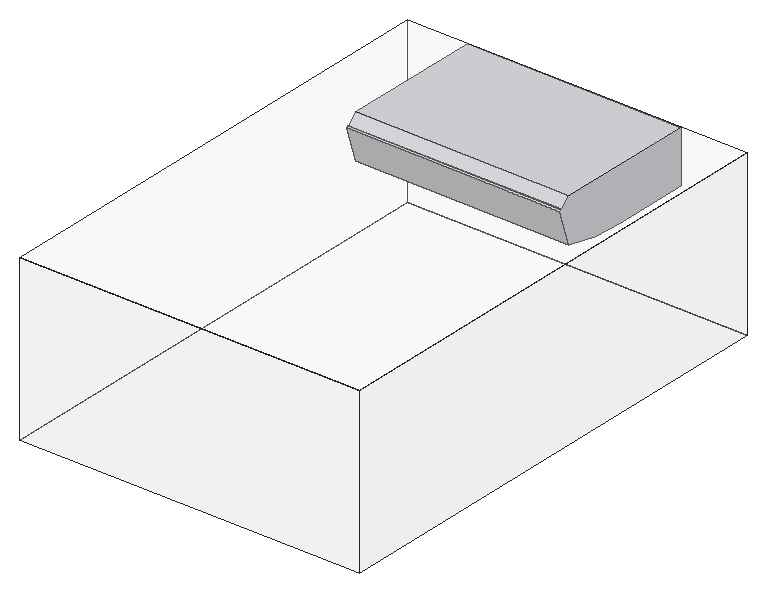
Revit family "pcfy-p45_160kmg8_50Hz", category 機械設備, Revit 2019
Family settings
  丸型コネクタ寸法 = 直径を使用
  パーツ タイプ = 標準
  OmniClass 番号 = 23.75.10.24.21.27.27
  OmniClass タイトル = Split System Air Conditioning Units
  作業面ベース = いいえ
  常に垂直 = はい
  ロード時にボイドで切り取り = いいえ
  共有 = いいえ
  部屋計算ポイント = はい
Parameters (values of type "天吊_PCFY-P56KMG8")
  風量（弱）（m3／min） = 10
  風量（中2）（m3／min） = 11
  風量（中1）（m3／min） = 12
  風量（m3／min） = 13
  風量 = MAX風量  # 780.0 m³/h
  音響パワーレベル（弱）(dB) = 49
  音響パワーレベル（中2）(dB) = 51
  音響パワーレベル（中1）(dB) = 53
  音響パワーレベル(dB) = 55
  電源種別 = ""
  電源_H = 0 mm
  電圧_電気ヒーター = 0 V
  電圧 = 200 V
  電動機出力_送風機 = 0.09 kW
  運転質量 = 0.00 kg
  連動 = ""
  質量 = if(製品質量 > 運転質量, 製品質量, 運転質量) * 1.2  # 28.80 kg
  負荷分類 = 3_ファン類
  説明 = "ビル用マルチ 天吊形室内機"
  設計暖房能力 = 0.00 kW
  設計冷房能力_顕熱 = 0 kW
  設計冷房能力 = 0 kW
  設置方法 = "天井吊形"
  記号 = ""
  製造元 = "三菱電機株式会社"
  製品質量 = 24.00 kg
  製品出荷対象 = "国内"
  製品リリース年月 = "2021年6月30日"
  製品グループ = ""
  系統 = ""
  符号 = "ACP-CR"
  積算_科目 = "1 空気調和設備"
  積算_拾い区分 [instance] = ""
  相 = 1
  盤記号 = ""
  発停方法 = "付属スイッチ"
  特殊仕様 = ""
  点検口離隔 [instance] = if(点検口離隔入力値 > 200 mm, 200 mm, if(点検口離隔入力値 < 150 mm, 150 mm, 点検口離隔入力値))  # 150 mm
  点検口離隔入力値 [instance] = 0 mm
  点検口設置範囲 = 0 mm
  点検口 = yes
  火災停止 = ""
  消費電力_電気ヒーター = 0.00 kW
  消費電力_暖房 = 0.05 kW
  消費電力_加湿器 = 0.00 kW
  消費電力_冷房 = 0.06 kW
  消費電力 = if(消費電力_冷房 > 消費電力_暖房, 消費電力_冷房, 消費電力_暖房) + 消費電力_加湿器 + 消費電力_電気ヒーター  # 0.06 kW
  法定耐用年数 = "6"
  極数 = 1
  材質 = ""
  本体マテリアル = none
  有効加湿量 = 0
  暖房能力 = 6.30 kW
  推奨ブレーカー容量 = 15 A
  形式_加湿器 = ""
  形式 = "天井吊（露出）形"
  幹線記号 = ""
  始動方式 = "直入"
  呼称 = "室内機_天井吊(露出)形"
  周波数 = 50 Hz
  吊り位置Y = 320 mm
  吊り位置X = 917 mm
  吊りボルト_H = 50 mm
  台数_手元リモコン = ""
  台数_冷媒分岐ユニット = ""
  参照している仕様書等のバージョン = "公共建築物標準仕様書（機械設備工事編）平成31年度版"
  加湿給水管径 = 0 mm
  分類コード = "50053003221080"
  分類グループ = ""
  冷房能力 = 5.6 kW
  冷媒高低圧ガス管径 = 0 mm
  冷媒管径符号 = "Ac"
  冷媒管径 = 100 mm
  冷媒液管高さ = 126 mm
  冷媒液管長さ = 184 mm
  冷媒液管径 = 6.35 mm
  冷媒ガス管高さ = 126 mm
  冷媒ガス管長さ = 203 mm
  冷媒ガス管径 = 12.7 mm
  企業コード = "108420"
  付属品_フィルター = ""
  付属品 = ""
  仕様書バージョン = "Version1.0"
  モデル = "PCFY-P56KMG"
  パネルマテリアル = none
  ドレン管高さ = 190 mm
  ドレン管径 (外径) = 26 mm
  ドレン管径 = 20 mm
  サービススペース = yes
  コメント [instance] = ""
  ケーブル種類1 = ""
  ケーブルサイズ1 = 1.6 mm
  Width = 960 mm
  Version = ""
  Uniclass2015Version = "Systems v1.9"
  Uniclass2015Title = "Split coil remote air cooled condensing units"
  Uniclass2015Code = "Pr_70_65_03_84"
  URL = "https://www.mitsubishielectric.co.jp/ldg/wink/ssl/displayProduct.do?pid=311987"
  SpecificationReference = ""
  SpecificationDescription = ""
  Revision = ""
  ProductInformation = ""
  OmniClassCode = "23-33 17 13 11"
  MIN風量 = 風量（弱）（m3／min） * 60.0 m³/h  # 600.0 m³/h
  MID風量2 = 風量（中2）（m3／min） * 60.0 m³/h  # 660.0 m³/h
  MID風量 = 風量（中1）（m3／min） * 60.0 m³/h  # 720.0 m³/h
  MAX風量 = 風量（m3／min） * 60.0 m³/h  # 780.0 m³/h
  IfcTypeProduct = ""
  IfcProduct = ""
  IfcExportType = "AIRCONDITIONINGUNIT"
  IfcExportAs = "IfcUnitaryEquipmentType"
  Height_本体 = 230 mm
  Height = Height_本体 + 6 mm  # 236 mm
  Depth = 680 mm
  Clearance Top = 1 mm
  Clearance Right = 300 mm  # constant formula
  Clearance Left = 270 mm  # constant formula
  Clearance Front = 1500 mm
  Clearance Bottom = 500 mm  # constant formula
  Clearance Back = 0 mm  # constant formula
  Author = "三菱電機株式会社"
Types (9, lengths in mm): name | 風量（弱）（m3／min） | 風量（中2）（m3／min） | 風量（中1）（m3／min） | 風量（m3／min） | 風量 | 音響パワーレベル（弱）(dB) | 音響パワーレベル（中2）(dB) | 音響パワーレベル（中1）(dB) | 音響パワーレベル(dB) | 電動機出力_送風機 | 質量 | 製品質量 | 消費電力_暖房 | 消費電力_冷房 | 消費電力 | 暖房能力 | 吊り位置X | 冷房能力 | 冷媒管径符号 | 冷媒液管径 | 冷媒ガス管長さ | 冷媒ガス管径 | モデル | Width | URL | MIN風量 | MID風量2 | MID風量 | MAX風量
  (no name) | 10 | 11 | 12 | 13 | 780.0 m³/h | 49 | 51 | 53 | 55 | 0.09 kW | 28.80 kg | 24.00 kg | 0.05 kW | 0.06 kW | 0.06 kW | 6.30 kW | 917 | 5.6 kW | "Ac" | 6.35 | 203 | 12.7 | "PCFY-P56KMG" | 960 | "https://www.mitsubishielectric.co.jp/ldg/wink/ssl/displayProduct.do?pid=311987" | 600.0 m³/h | 660.0 m³/h | 720.0 m³/h | 780.0 m³/h
  天吊_PCFY-P45KMG8 | 9 | 10 | 11 | 12 | 720.0 m³/h | 48 | 49 | 51 | 53 | 0.09 kW | 28.80 kg | 24.00 kg | 0.04 kW | 0.05 kW | 0.05 kW | 5.00 kW | 917 | 4.5 kW | "Ac" | 6.35 | 203 | 12.7 | "PCFY-P45KMG" | 960 | "https://www.mitsubishielectric.co.jp/ldg/wink/ssl/displayProduct.do?pid=311986" | 540.0 m³/h | 600.0 m³/h | 660.0 m³/h | 720.0 m³/h
  天吊_PCFY-P56KMG8 | 10 | 11 | 12 | 13 | 780.0 m³/h | 49 | 51 | 53 | 55 | 0.09 kW | 28.80 kg | 24.00 kg | 0.05 kW | 0.06 kW | 0.06 kW | 6.30 kW | 917 | 5.6 kW | "Ac" | 6.35 | 203 | 12.7 | "PCFY-P56KMG" | 960 | "https://www.mitsubishielectric.co.jp/ldg/wink/ssl/displayProduct.do?pid=311987" | 600.0 m³/h | 660.0 m³/h | 720.0 m³/h | 780.0 m³/h
  天吊_PCFY-P71KMG8 | 14 | 15 | 16 | 18 | 1080.0 m³/h | 52 | 53 | 54 | 55 | 0.095 kW | 38.40 kg | 32.00 kg | 0.07 kW | 0.08 kW | 0.08 kW | 8.00 kW | 1237 | 7.1 kW | "Bd" | 9.5 | 200 | 15.9 | "PCFY-P71KMG" | 1280 | "https://www.mitsubishielectric.co.jp/ldg/wink/ssl/displayProduct.do?pid=311988" | 840.0 m³/h | 900.0 m³/h | 960.0 m³/h | 1080.0 m³/h
  天吊_PCFY-P80KMG8 | 14 | 15 | 16 | 18 | 1080.0 m³/h | 52 | 53 | 54 | 55 | 0.095 kW | 38.40 kg | 32.00 kg | 0.07 kW | 0.08 kW | 0.08 kW | 9.00 kW | 1237 | 8 kW | "Bd" | 9.5 | 200 | 15.9 | "PCFY-P80KMG" | 1280 | "https://www.mitsubishielectric.co.jp/ldg/wink/ssl/displayProduct.do?pid=311989" | 840.0 m³/h | 900.0 m³/h | 960.0 m³/h | 1080.0 m³/h
  天吊_PCFY-P90KMG8 | 15 | 16 | 18 | 20 | 1200.0 m³/h | 54 | 55 | 56 | 58 | 0.095 kW | 38.40 kg | 32.00 kg | 0.08 kW | 0.09 kW | 0.09 kW | 10.00 kW | 1237 | 9 kW | "Bd" | 9.5 | 200 | 15.9 | "PCFY-P90KMG" | 1280 | "https://www.mitsubishielectric.co.jp/ldg/wink/ssl/displayProduct.do?pid=311990" | 900.0 m³/h | 960.0 m³/h | 1080.0 m³/h | 1200.0 m³/h
  天吊_PCFY-P112KMG8 | 20 | 22 | 25 | 28 | 1680.0 m³/h | 55 | 57 | 59 | 61 | 0.16 kW | 43.20 kg | 36.00 kg | 0.13 kW | 0.14 kW | 0.14 kW | 12.50 kW | 1557 | 11.2 kW | "Bd" | 9.5 | 200 | 15.9 | "PCFY-P112KMG" | 1600 | "https://www.mitsubishielectric.co.jp/ldg/wink/ssl/displayProduct.do?pid=311991" | 1200.0 m³/h | 1320.0 m³/h | 1500.0 m³/h | 1680.0 m³/h
  天吊_PCFY-P140KMG8 | 21 | 24 | 27 | 31 | 1860.0 m³/h | 57 | 59 | 61 | 63 | 0.16 kW | 45.60 kg | 38.00 kg | 0.15 kW | 0.16 kW | 0.16 kW | 16.00 kW | 1557 | 14 kW | "Bd" | 9.5 | 200 | 15.9 | "PCFY-P140KMG" | 1600 | "https://www.mitsubishielectric.co.jp/ldg/wink/ssl/displayProduct.do?pid=312017" | 1260.0 m³/h | 1440.0 m³/h | 1620.0 m³/h | 1860.0 m³/h
  天吊_PCFY-P160KMG8 | 21 | 24 | 27 | 31 | 1860.0 m³/h | 58 | 60 | 62 | 64 | 0.16 kW | 46.80 kg | 39.00 kg | 0.18 kW | 0.19 kW | 0.19 kW | 18.00 kW | 1557 | 16 kW | "Bd" | 9.5 | 200 | 15.9 | "PCFY-P160KMG" | 1600 | "https://www.mitsubishielectric.co.jp/ldg/wink/ssl/displayProduct.do?pid=311992" | 1260.0 m³/h | 1440.0 m³/h | 1620.0 m³/h | 1860.0 m³/h
Reference planes
  plane 1 "中心(正面/背面)": y = 0
  plane 2: z = 0
  plane 3 "中心(左/右)": x = 0
  plane 4: z = 236
  plane 5: x = -458.5
  plane 6: x = 458.5
  plane 7: y = 260
  plane 8: y = -60
  plane 9: y = 340
  plane 10: y = -340
  plane 11: x = -480
  plane 12: x = 480
  plane 13: x = -750
  plane 14: x = 780
  plane 15: y = 340
  plane 16: y = -1840
  plane 17: z = 237
  plane 18: z = -1020
  plane 19: z = -500
  plane 20: x = -662
Dimensions and locks
  "吊り位置X": plane 5 to plane 6
  equal spacing: plane 5, plane 3 "中心(左/右)", plane 6
  "吊り位置Y": plane 8 to plane 7
  equal spacing: plane 10, plane 1 "中心(正面/背面)", plane 9
  "Depth": plane 10 to plane 9
  equal spacing: plane 11, plane 3 "中心(左/右)", plane 12
  "Width": plane 11 to plane 12
  "Clearance Back": plane 9 to plane 15
  "Clearance Front": plane 16 to plane 10
  "Clearance Right": plane 12 to plane 14
  "Clearance Left": plane 13 to plane 11
  "Height": plane 4 to level
  locked: plane 7 to plane 9 at 80
  "Clearance Bottom": level to plane 19
  "Clearance Top": plane 17 to plane 4
  aligned and locked: level to plane 2
  aligned and locked: plane 5 to nested 2
  aligned and locked: plane 6 to nested 2
  aligned and locked: nested 2 to plane 7
  aligned and locked: plane 8 to nested 2
  aligned and locked: nested 1 to plane 13
  aligned and locked: nested 1 to plane 14
  aligned and locked: plane 16 to nested 1
  aligned and locked: plane 15 to nested 1
  aligned and locked: plane 17 to nested 1
  aligned and locked: plane 1 "中心(正面/背面)" to nested 3
  aligned and locked: plane 3 "中心(左/右)" to nested 3
  aligned and locked: plane 19 to nested 1
Nested families
  nested 1: "サービススペース" at (15, -750, -131.5), visible <- "サービススペース", type "サービススペース"
    with Width 1530 mm, Height 737 mm, Depth 2180 mm
  nested 2: "固定点" at (-458.5, -60, 0), type "固定点"
    with W 917 mm, D 320 mm
  nested 3: "PCFY-P-KMG" at (0, 0, 0), type "PCFY-P-KMG", detail levels fine
Connectors
  electrical at (196, 339, 206), driven by "極数", driven by "負荷分類", driven by "電圧", driven by "消費電力"
    settings: on nested 3, index 1, voltage 200 V, apparent load 60 VA, apparent load phase1 0 VA, apparent load phase2 0 VA, apparent load phase3 0 VA, power factor 1, load classification "3_ファン類", number of poles 1, system type 30, power factor state 1, is connector primary yes, connector utility no, sub classification motor no, connector description ""
  piping at (351.5, 140, 110), diameter 6.35, driven by "冷媒液管径"
    settings: on nested 3, index 2, connector inside diameter 609.6 mm, connector length 0 mm, flow factor 0, pipe flow 0.0 L/s, pressure drop 0.0 Pa, fitting loss kfactor 0, connector angle 0.00°, fixture units 0, engagement length 0 mm, angle of deflection 0.00°, flow configuration 1, flow direction 1, fitting loss method 4, system type 7, joint type 0, gender type 0, connector reference index -1, connector utility 0, adjustable connector no, is connector primary yes, connector description ""
  piping at (342, 94, 46), diameter 20, driven by "ドレン管径"
    settings: on nested 3, index 3, connector inside diameter 609.6 mm, connector length 0 mm, flow factor 0, pipe flow 0.0 L/s, pressure drop 0.0 Pa, fitting loss kfactor 0, connector angle 0.00°, fixture units 0, engagement length 0 mm, angle of deflection 0.00°, flow configuration 1, flow direction 2, fitting loss method 0, system type 16, joint type 0, gender type 0, connector reference index -1, connector utility 0, adjustable connector no, is connector primary no, connector description ""
  piping at (-405, 94, 46), diameter 20, driven by "ドレン管径"
    settings: on nested 3, index 4, connector inside diameter 609.6 mm, connector length 0 mm, flow factor 0, pipe flow 0.0 L/s, pressure drop 0.0 Pa, fitting loss kfactor 0, connector angle 0.00°, fixture units 0, engagement length 0 mm, angle of deflection 0.00°, flow configuration 1, flow direction 2, fitting loss method 4, system type 16, joint type 0, gender type 0, connector reference index -1, connector utility 0, adjustable connector no, is connector primary no, connector description ""
Definition of nested family "サービススペース"
  Parameters (values of type "サービススペース")
    Width [instance] = 500 mm
    Height [instance] = 500 mm
    Depth [instance] = 500 mm
  Reference planes
    plane 1 "中心(正面/背面)": y = 0
    plane 2: z = 0
    plane 3 "中心(左/右)": x = 0
    plane 4: y = -250
    plane 5: x = 250
    plane 6: y = 250
    plane 7: x = -250
    plane 8: z = 250
    plane 9: z = -250
  Forms (mm)
    Extrusion 1, solid
      sketch origin (-638.939, 0, 72.39) x (1, 0, 0) y (0, 1, 0)
        loop
          line (388.939, 250) -> (388.939, -250) -> (888.939, -250) -> (888.939, 250) -> (388.939, 250)
      from -322.39 to 177.61
  Lines and regions (mm)
    symbolic lines
      curve 1: line (-250, 0, 250) -> (250, 0, 250)
      curve 2: line (-250, 0, -250) -> (-250, 0, 250)
      curve 3: line (250, 0, -250) -> (-250, 0, -250)
      curve 4: line (250, 0, 250) -> (250, 0, -250)
      curve 5: line (0, -250, 250) -> (0, 250, 250)
      curve 6: line (0, -250, -250) -> (0, -250, 250)
      curve 7: line (0, 250, -250) -> (0, -250, -250)
      curve 8: line (0, 250, 250) -> (0, 250, -250)
      curve 9: line (-250, 250, 0) -> (250, 250, 0)
      curve 10: line (-250, -250, 0) -> (-250, 250, 0)
      curve 11: line (250, -250, 0) -> (-250, -250, 0)
      curve 12: line (250, 250, 0) -> (250, -250, 0)
  Dimensions and locks
    equal spacing: plane 7, plane 3 "中心(左/右)", plane 5
    equal spacing: plane 4, plane 1 "中心(正面/背面)", plane 6
    "Depth": plane 4 to plane 6
    "Width": plane 7 to plane 5
    equal spacing: plane 8, plane 2, plane 9
    "Height": plane 8 to plane 9
    aligned and locked: plane 9 to curve 3
    aligned and locked: plane 7 to curve 2
    aligned and locked: curve 4 to plane 5
    aligned and locked: plane 5 to Extrusion 1
    aligned and locked: Extrusion 1 to plane 7
    aligned and locked: Extrusion 1 to plane 9
    aligned and locked: plane 8 to Extrusion 1
    aligned and locked: plane 9 to curve 7
  Automatic sketch dimensions
    plane 4 to Extrusion 1 sketch curve = 0 mm
    Extrusion 1 sketch curve to plane 7 = 0 mm
    Extrusion 1 sketch curve to plane 5 = 0 mm
    plane 6 to Extrusion 1 sketch curve = 0 mm
    curve 2 to plane 8 = 0 mm
    plane 4 to curve 11 = 0 mm
    curve 11 to plane 7 = 0 mm
    curve 11 to plane 5 = 0 mm
    plane 6 to curve 10 = 0 mm
    curve 7 to plane 4 = 0 mm
    curve 7 to plane 6 = 0 mm
    curve 6 to plane 8 = 0 mm
Definition of nested family "PCFY-P-KMG"
  Parameters (values of type "PCFY-P-KMG")
    配線取出口サイズ = 22 mm
    配線取出口-Z = 0 mm
    配線取出口-Y = 0 mm
    配線取出口-X = 0 mm
    液配管サイズ = 100 mm
    高さ = 236 mm
    奥行き = 680 mm
    吊りボルト_H = 50 mm
    冷媒配管サイズ = 6.35 mm
    冷媒液管径-Z = 0 mm
    冷媒液管径-Y = 0 mm
    冷媒液管径-X = 0 mm
    冷媒ガス管径-Z = 0 mm
    冷媒ガス管径-Y = 0 mm
    冷媒ガス管径-X = 0 mm
    吊りボルト-W = 917 mm
    マテリアル = none
    ドレン配管サイズ = 26 mm
    ドレン管径-Z = 0 mm
    ドレン管径-Y = 0 mm
    ドレン管径-X = 0 mm
    ガス配管サイズ = 12.7 mm
    吊りボルト-D = 320 mm
    幅さ = 960 mm
  Reference planes
    plane 1 "中心(正面/背面)": y = 0
    plane 2: z = 0
    plane 3 "中心(左/右)": x = 0
    plane 4: z = 236
    plane 5: x = -480
    plane 6: x = 480
    plane 7: y = 340
    plane 8: y = -340
    plane 9: y = -289
    plane 10: y = -330
    plane 11: y = -335
    plane 12: z = 84
    plane 13: z = 172
    plane 14: z = 195
    plane 15: z = 200
    plane 16: z = 40
    plane 17: x = -426.5
    plane 18: x = 426.5
    plane 19: x = 373
    plane 20: y = -136
    plane 21: y = -193
    plane 22: y = 86
    plane 23: z = 110
    plane 24: z = 46
    plane 25: x = -469
    plane 26: y = 156
    plane 27: y = 137
    plane 28: y = 94
    plane 29: x = -158
    plane 30: z = 206
    plane 31: x = -405
    plane 32: x = 342
    plane 33: x = 394
    plane 34: x = 309
    plane 35: x = 196
    plane 36: x = 168
    plane 37: y = 140
  Forms (mm)
    Extrusion 1, solid, material <- "マテリアル"
      sketch origin (480, 1296.25, 1200) x (0, 1, 0) y (0, 0, 1)
        loop
          line (-1585.25, -964) -> (-1626.25, -1000) -> (-1631.25, -1000) -> (-1636.25, -1005) -> (-1585.25, -1160)
          arc (-1585.25, -1160) -> (-1442.128, -1189.953) -> (-1296.25, -1200) r 1064.013
          line (-1296.25, -1200) -> (-956.25, -1200) -> (-956.25, -964) -> (-1585.25, -964)
      from -960 to 0
    Extrusion 2, solid, material <- "マテリアル"
      sketch origin (674, 0, 0) x (1, 0, 0) y (0, 0, 1)
        loop
          circle (-478, 206) r 11
      from -339 to -340
    Extrusion 3, solid, material <- "マテリアル"
      sketch origin (0, 0, 0) x (-1, 0, 0) y (0, 0, -1)
        loop
          circle (-394, -110) r 6.35
      from -140 to -37
    Extrusion 4, solid, material <- "マテリアル"
      sketch origin (0, 0, 0) x (-1, 0, 0) y (0, 0, -1)
        loop
          circle (-351.5, -110) r 50
      from -140 to -37
    Extrusion 5, solid, material <- "マテリアル"
      sketch origin (0, 0, 0) x (-1, 0, 0) y (0, 0, -1)
        loop
          circle (-309, -110) r 3.175
      from -156 to -56
    Extrusion 6, solid, material <- "マテリアル"
      sketch origin (0, 0, 0) x (-1, 0, 0) y (0, 0, -1)
        loop
          circle (405, -46) r 13
        loop
          circle (-342, -46) r 13
      from -94 to 6
    Extrusion 7, solid, material <- "マテリアル"
      sketch origin (646, 0, 0) x (1, 0, 0) y (0, 0, 1)
        loop
          circle (-478, 206) r 11
      from -339 to -340
    Extrusion 8, solid, material <- "マテリアル"
      sketch origin (674, 0, -169) x (1, 0, 0) y (0, 0, 1)
        loop
          circle (-478, 206) r 11
      from -339 to -340
    Extrusion 9, solid, material <- "マテリアル"
      sketch origin (646, 0, -169) x (1, 0, 0) y (0, 0, 1)
        loop
          circle (-478, 206) r 11
      from -339 to -340
  Lines and regions (mm)
    model lines
      curve 1: line (426.5, -303.59, 84.341) -> (426.5, -332.355, 171.766)
      curve 2: line (426.5, -332.355, 171.766) -> (-426.5, -332.355, 171.766)
      curve 3: line (-426.5, -303.59, 84.341) -> (426.5, -303.59, 84.341)
      curve 4: line (-426.5, -332.355, 171.766) -> (-426.5, -303.59, 84.341)
      curve 5: line (-426.5, 310, 0) -> (-426.5, 86, 0)
      curve 6: line (426.5, 310, 0) -> (426.5, 86, 0)
      curve 7: line (426.5, 310, 0) -> (-426.5, 310, 0)
      curve 8: line (426.5, 86, 0) -> (-426.5, 86, 0)
      curve 9: line (426.5, 294, 0) -> (-426.5, 294, 0)
      curve 10: line (426.5, 278, 0) -> (-426.5, 278, 0)
      curve 11: line (426.5, 262, 0) -> (-426.5, 262, 0)
      curve 12: line (426.5, 246, 0) -> (-426.5, 246, 0)
      curve 13: line (426.5, 230, 0) -> (-426.5, 230, 0)
      curve 14: line (426.5, 214, 0) -> (-426.5, 214, 0)
      curve 15: line (426.5, 198, 0) -> (-426.5, 198, 0)
      curve 16: line (426.5, 182, 0) -> (-426.5, 182, 0)
      curve 17: line (426.5, 166, 0) -> (-426.5, 166, 0)
      curve 18: line (426.5, 150, 0) -> (-426.5, 150, 0)
      curve 19: line (426.5, 134, 0) -> (-426.5, 134, 0)
      curve 20: line (426.5, 118, 0) -> (-426.5, 118, 0)
      curve 21: line (426.5, 102, 0) -> (-426.5, 102, 0)
  Dimensions and locks
    equal spacing: plane 8, plane 1 "中心(正面/背面)", plane 7
    "奥行き": plane 8 to plane 7
    equal spacing: plane 5, plane 3 "中心(左/右)", plane 6
    "幅さ": plane 5 to plane 6
    "高さ": plane 4 to level
    locked: plane 8 to plane 11 at 5
    locked: plane 8 to plane 10 at 10
    locked: plane 8 to plane 9 at 51
    locked: plane 12 to level at 84
    locked: plane 14 to level at 195
    locked: plane 15 to level at 200
    locked: plane 16 to level at 40
    plane 17 to plane 18 = 853 mm
    locked: plane 5 to plane 17 at 53.5
    locked: plane 18 to plane 6 at 53.5
    locked: plane 13 to plane 12 at 88
    locked: plane 21 to plane 20 at 57
    locked: plane 20 to plane 7 at 476
    locked: plane 22 to plane 7 at 254
    locked: plane 4 to plane 23 at 126
    locked: plane 4 to plane 24 at 190
    locked: plane 28 to plane 7 at 246
    locked: plane 26 to plane 7 at 184
    locked: plane 27 to plane 7 at 203
    locked: plane 5 to plane 29 at 322
    locked: plane 4 to plane 30 at 30
    plane 33 to plane 6 = 86 mm
    plane 34 to plane 33 = 85 mm
    plane 32 to plane 6 = 138 mm
    plane 5 to plane 31 = 75 mm
    plane 6 to plane 35 = 284 mm
    plane 35 to plane 36 = 28 mm
    "配線取出口サイズ": diameter of Extrusion 2 sketch curve
    "ガス配管サイズ": diameter of Extrusion 3 sketch curve
    "液配管サイズ": diameter of Extrusion 4 sketch curve
    "冷媒配管サイズ": diameter of Extrusion 5 sketch curve
    "ドレン配管サイズ": diameter of Extrusion 6 sketch curve  (x2)
    "配線取出口サイズ": diameter of Extrusion 7 sketch curve
    "配線取出口サイズ": diameter of Extrusion 8 sketch curve
    "配線取出口サイズ": diameter of Extrusion 9 sketch curve
    aligned and locked: level to plane 2
    aligned and locked: Extrusion 1 sketch curve to plane 4
    aligned and locked: Extrusion 1 sketch curve to plane 7
    aligned and locked: Extrusion 1 sketch curve to level
    aligned and locked: plane 15 to Extrusion 1 sketch curve
    aligned and locked: plane 14 to Extrusion 1 sketch curve
    aligned and locked: plane 16 to Extrusion 1 sketch curve
    aligned and locked: Extrusion 1 to plane 5
    aligned and locked: plane 6 to Extrusion 1
    aligned and locked: curve 4 to plane 17
    aligned and locked: plane 18 to curve 1
    aligned and locked: curve 5 to plane 17
    aligned and locked: curve 6 to plane 18
    aligned and locked: curve 8 to plane 22
    aligned and locked: plane 30 to Extrusion 2 sketch curve
    aligned and locked: plane 7 to Extrusion 2
  Automatic sketch dimensions
    plane 7 to curve 7 = 30 mm
    curve 21 to plane 28 = 8 mm
    curve 21 to curve 20 = 16 mm
    plane 27 to curve 19 = 3 mm
    plane 26 to curve 18 = 6 mm
    curve 17 to plane 26 = 10 mm
    curve 17 to curve 16 = 16 mm
    curve 16 to curve 15 = 16 mm
    curve 15 to curve 14 = 16 mm
    curve 14 to curve 13 = 16 mm
    curve 13 to curve 12 = 16 mm
    curve 12 to curve 11 = 16 mm
    curve 11 to curve 10 = 16 mm
    curve 10 to curve 9 = 16 mm
    Extrusion 1 sketch curve to plane 8 = 0 mm
    Extrusion 1 sketch curve to plane 11 = 0 mm
    Extrusion 1 sketch curve to plane 10 = 0 mm
    Extrusion 1 sketch curve to plane 9 = 0 mm  (x2)
    Extrusion 1 sketch curve to plane 1 "中心(正面/背面)" = 0 mm
    Extrusion 1 to curve 1 = 24.459 mm
    curve 3 to Extrusion 1 = 46.68 mm
    Extrusion 1 to curve 4 = 53.5 mm
    Extrusion 1 to curve 3 = 53.5 mm
    Extrusion 2 sketch curve to plane 35 = 0 mm
    Extrusion 3 sketch curve to plane 23 = 0 mm
    Extrusion 3 sketch curve to plane 33 = 0 mm
    Extrusion 4 sketch curve to plane 23 = 0 mm
    Extrusion 4 sketch curve to plane 32 = 9.5 mm
    Extrusion 5 sketch curve to plane 23 = 0 mm
    Extrusion 5 sketch curve to plane 34 = 0 mm
    Extrusion 6 sketch curve to plane 24 = 0 mm  (x2)
    Extrusion 6 sketch curve to plane 32 = 0 mm
    Extrusion 6 sketch curve to plane 31 = 0 mm
    Extrusion 7 sketch curve to plane 30 = 0 mm
    Extrusion 7 sketch curve to plane 36 = 0 mm
    Extrusion 8 sketch curve to plane 35 = 0 mm
    Extrusion 8 sketch curve to plane 16 = 3 mm
    Extrusion 9 sketch curve to plane 36 = 0 mm
    Extrusion 9 sketch curve to plane 16 = 3 mm
Definition of nested family "固定点"
  Parameters (values of type "固定点")
    中心円 = 20 mm
    W [instance] = 1000 mm
    D [instance] = 1000 mm
  Reference planes
    plane 1 "中心(正面/背面)": y = 0
    plane 2: z = 0
    plane 3 "中心(左/右)": x = 0
    plane 4: x = 1000
    plane 5: y = 1000
  Lines and regions (mm)
    symbolic lines, detail levels fine
      curve 1: circle (0, 1000, 0) r 10 normal (0, 0, 1)
      curve 2: circle (0, 0, 0) r 10 normal (0, 0, 1)
      curve 3: circle (1000, 1000, 0) r 10 normal (0, 0, 1)
      curve 4: circle (1000, 0, 0) r 10 normal (0, 0, 1)
      curve 5: line (-200, 1000, 0) -> (1200, 1000, 0)
      curve 6: line (-200, 0, 0) -> (1200, 0, 0)
      curve 7: line (0, 1200, 0) -> (0, -200, 0)
      curve 8: line (1000, 1200, 0) -> (1000, -200, 0)
  Dimensions and locks
    "W": plane 3 "中心(左/右)" to plane 4
    "D": plane 1 "中心(正面/背面)" to plane 5
    "中心円": diameter of curve 1
    "中心円": diameter of curve 2
    "中心円": diameter of curve 3
    "中心円": diameter of curve 4
    aligned and locked: level to plane 2
    aligned and locked: plane 5 to curve 1
    aligned and locked: plane 3 "中心(左/右)" to curve 1
    aligned and locked: plane 3 "中心(左/右)" to curve 2
    aligned and locked: plane 1 "中心(正面/背面)" to curve 2
    aligned and locked: plane 4 to curve 3
    aligned and locked: plane 5 to curve 3
    aligned and locked: plane 1 "中心(正面/背面)" to curve 4
    aligned and locked: plane 4 to curve 4
    aligned and locked: plane 1 "中心(正面/背面)" to curve 6
    aligned and locked: curve 7 to plane 3 "中心(左/右)"
    aligned and locked: curve 8 to plane 4
  Automatic sketch dimensions
    curve 5 to plane 5 = 0 mm
    curve 6 to plane 3 "中心(左/右)" = 200 mm
    curve 5 to plane 3 "中心(左/右)" = 200 mm
    curve 4 to curve 6 = 200 mm
    curve 3 to curve 5 = 200 mm
    plane 1 "中心(正面/背面)" to curve 8 = 200 mm
    plane 1 "中心(正面/背面)" to curve 7 = 200 mm
    curve 3 to curve 8 = 200 mm
    curve 1 to curve 7 = 200 mm
